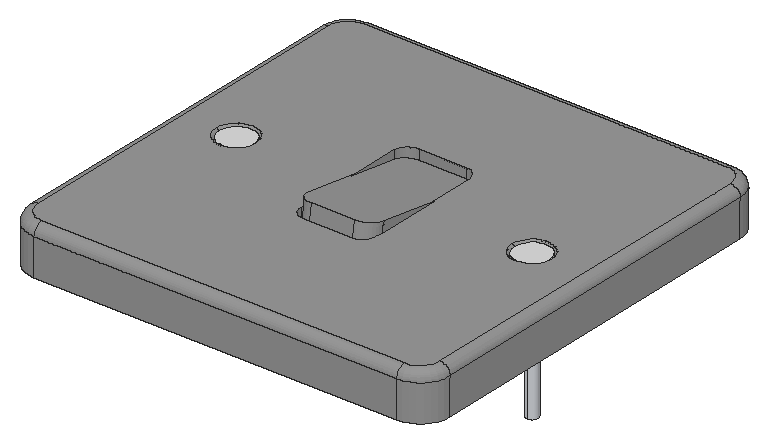
Revit family "ElectricalFixture_WiringAccessories_Hager_Sollysta_1Gang", category Lighting Fixtures, host Face, Revit 2015
Parameters (values of type "WMPS12")
  Warranty ID = ""
  Voltage (Volts) = "230V/240V"
  Unique Reference = "WMPS12"
  Type = "ElectricalFixture"
  Technical Description = "10AX1Gang2WayWallSwitch"
  Switch = yes
  Supply Phase = "1"
  Size = ""
  Shipping Weight kg = "0.188"
  Shape = "Rectangular"
  Reference Standard = "BS 1363-2"
  Product URL = "http://www.hager.co.uk/product-catalogue/wiring-accessories/sollysta/white-moulded/white-moulded-switches/58435.htm"
  Product Range = "Sollysta"
  Product Model Number = "WMPS12"
  Product Literature = "http://www.hager.co.uk/product-catalogue/wiring-accessories/sollysta/38662.htm"
  Product Group = "WiringAccessories"
  Product Family = "WhiteMouldedSwitches"
  Packaging Recyclable = yes
  Overall Width = Overall Length  # 86.0 mm
  Overall Length = 86.0 mm
  Overall Height = 86.0 mm
  Overall Depth = 26.07 mm
  Operation and Maintenance Manual = ""
  Name = "WhiteMouldedSwitches_WMPS12"
  Measurement Units = "mm"
  Material = Urea Formaldehyde Thermoset Plastic
  Manufacturer Website = "http://www.hager.co.uk/"
  Manufacturer Country = "United Kingdom"
  Manufacturer = "Hager"
  LED Indicator Switch = no
  Gross Weight kg = "0.165"
  Frequency = "50/60Hz"
  Finish = "Gloss"
  Features = "10AX1Gang2WayWallSwitch"
  Extrusion From Wall = 11.921 mm
  Expected Life = "25 years"
  EAN Code = "5015652260745"
  Design Country = "China"
  Description = "10AX1Gang2WayWallSwitch"
  Default Elevation = 1219.2 mm
  Colour = "SollystaWhite"
  CE Approval = yes
Types (4, lengths in mm): name | Unique Reference | Technical Description | Product Model Number | Name | Finish | Features | Extrusion From Wall | EAN Code | Description | Default Elevation | Colour
  WMPS11 | "WMPS11" | "10AX1Gang1WayWallSwitch" | "WMPS11" | "WhiteMouldedSwitches_WMPS11" | "Gloss" | "10AX1Gang1WayWallSwitch" | 11.921 | "5015652260714" | "10AX1Gang1WayWallSwitch" | 1219.2 | "SollystaWhite"
  WMPS11/FAN | "WMPS11/FAN" | "10AX1Gang1WayWallSwitchMarkedFan" | "WMPS11/FAN" | "WhiteMouldedSwitches_WMPS11/FAN" | "Gloss" | "10AX1Gang1WayWallSwitchMarkedFan" | 11.921 | "5015652275473" | "10AX1Gang1WayWallSwitchMarkedFan" | 1219.2 | "SollystaWhite"
  WMPS12 | "WMPS12" | "10AX1Gang2WayWallSwitch" | "WMPS12" | "WhiteMouldedSwitches_WMPS12" | "Gloss" | "10AX1Gang2WayWallSwitch" | 11.921 | "5015652260745" | "10AX1Gang2WayWallSwitch" | 1219.2 | "SollystaWhite"
  WMPS12W | "WMPS12" | "10AX1Gang2WayWallSwitch" | "WMPS12" | "WhiteMouldedSwitches_WMPS12" | "" | "10AX1Gang2WayWallSwitchWideRocker" | 11.9 | "5015652260745" | "10AX1Gang2WayWallSwitchWideRocker" | 500.0 | "RAL9010WhiteGloss"
Reference planes
  plane 1 "Center (Front/Back)": y = 0
  plane 2: z = 0
  plane 3 "Center (Left/Right)": x = 0
  plane 4: y = -43
  plane 5: y = 43
  plane 6: x = -137
  plane 7: x = -51
  plane 8: z = 9.47
  plane 9: z = -16.6
  plane 10: z = 11.921
  plane 11: y = -471.393
  plane 12: z = -20.53
  plane 13: x = -124.15
  plane 14: x = -63.85
Forms (mm)
  Extrusion 1, solid, material "Urea Formaldehyde Thermoset Plastic", detail levels fine
    sketch origin (0, 0, 0) x (1, 0, 0) y (0, 1, 0)
      loop
        arc (-137, -37.005) -> (-135.244, -41.244) -> (-131.005, -43) r 5.995
        line (-131.005, -43) -> (-57.017, -43)
        arc (-57.017, -43) -> (-52.762, -41.238) -> (-51, -36.983) r 6.017
        line (-51, -36.983) -> (-51, 37.035)
        arc (-51, 37.035) -> (-52.747, 41.253) -> (-56.965, 43) r 5.965
        line (-56.965, 43) -> (-131.018, 43)
        arc (-131.018, 43) -> (-135.248, 41.248) -> (-137, 37.018) r 5.982
        line (-137, 37.018) -> (-137, -37.005)
      loop
        circle (-124.15, 0) r 3.228
      loop
        circle (-63.85, 0) r 3.228
      loop
        line (-86.313, -11.794) -> (-86.313, 11.928)
        arc (-86.313, 11.928) -> (-87.135, 13.914) -> (-89.121, 14.736) r 2.808
        line (-89.121, 14.736) -> (-98.83, 14.736)
        arc (-98.83, 14.736) -> (-100.764, 13.935) -> (-101.565, 12.001) r 2.735
        line (-101.565, 12.001) -> (-101.565, -11.881)
        arc (-101.565, -11.881) -> (-100.775, -13.786) -> (-98.87, -14.576) r 2.694
        line (-98.87, -14.576) -> (-89.094, -14.576)
        arc (-89.094, -14.576) -> (-87.127, -13.761) -> (-86.313, -11.794) r 2.781
    from 0 to 9.47
  Sweep 2, void
    path origin (0, 0, 0) x (1, 0, 0) y (0, 1, 0)
      loop
        line (-137, 37.018) -> (-137, -37.005)
        arc (-137, -37.005) -> (-135.244, -41.244) -> (-131.005, -43) r 5.995
        line (-131.005, -43) -> (-57.017, -43)
        arc (-57.017, -43) -> (-52.762, -41.238) -> (-51, -36.983) r 6.017
        line (-51, -36.983) -> (-51, 37.035)
        arc (-51, 37.035) -> (-52.747, 41.253) -> (-56.965, 43) r 5.965
        line (-56.965, 43) -> (-131.018, 43)
        arc (-131.018, 43) -> (-135.248, 41.248) -> (-137, 37.018) r 5.982
    profile origin (-137, 0.007, 0) x (1, 0, 0) y (0, 0, 1)
      loop
        line (0, 9.47) -> (0, 7.462)
        arc (0, 7.462) -> (0.588, 8.882) -> (2.008, 9.47) r 2.008
        line (2.008, 9.47) -> (0, 9.47)
  Sweep 3, void
    path origin (0, 0, 0) x (1, 0, 0) y (0, 1, 0)
      loop
        circle (-63.85, 0) r 3.228
    profile origin (-63.85, 3.228, 0) x (0, -1, 0) y (0, 0, 1)
      loop
        line (0, 9.47) -> (-0.814, 9.47)
        arc (-0.814, 9.47) -> (-0.347, 9.123) -> (0, 8.656) r 2
        line (0, 8.656) -> (0, 9.47)
  Sweep 4, void
    path origin (0, 0, 0) x (1, 0, 0) y (0, 1, 0)
      loop
        circle (-124.15, 0) r 3.228
    profile origin (-124.15, 3.228, 0) x (0, 1, 0) y (0, 0, 1)
      loop
        line (0, 9.47) -> (0, 8.656)
        arc (0, 8.656) -> (0.346, 9.124) -> (0.814, 9.47) r 1.964
        line (0.814, 9.47) -> (0, 9.47)
  Extrusion 5, solid, material "Steel, Chrome Plated", detail levels fine
    sketch origin (0, 0, 0) x (1, 0, 0) y (0, 1, 0)
      loop
        circle (-124.15, 0) r 3.542
    from -1.167 to 9.196
  Extrusion 6, solid, material "Steel, Chrome Plated", detail levels fine
    sketch origin (0, 0, 0) x (-1, 0, 0) y (0, -1, 0)
      loop
        circle (63.85, 0) r 3.542
    from -1.167 to 9.196
  Extrusion 7, solid, material "Urea Formaldehyde Thermoset Plastic", detail levels medium
    sketch origin (0, 0, 0) x (1, 0, 0) y (0, 1, 0)
      loop
        line (-137, 43) -> (-137, -43) -> (-51, -43) -> (-51, 43) -> (-137, 43)
    from 0 to 9.47
  Extrusion 8, solid, detail levels fine
    sketch origin (-184.307, 0, -1.167) x (0, 1, 0) y (-1, 0, 0)
      loop
        circle (0, -60.15) r 1.2
    from 0 to 19.363
  Extrusion 9, solid, detail levels fine
    sketch origin (0, 0, -1.167) x (0, -1, 0) y (1, 0, 0)
      loop
        circle (0, -63.85) r 1.2
    from 0 to 19.363
  Extrusion 10, solid, material "Urea Formaldehyde Thermoset Plastic", detail levels medium
    sketch origin (0, 0, 0) x (1, 0, 0) y (0, 1, 0)
      loop
        line (-137, -43) -> (-51, -43) -> (-51, 43) -> (-137, 43) -> (-137, -43)
    from 0 to 9.47
  Extrusion 11, solid, material "Urea Formaldehyde Thermoset Plastic", visible <- "Switch", detail levels fine
    sketch origin (-18.717, -20.33, 3.542) x (1, 0, 0) y (0, 0.987688, -0.156434)
      loop
        arc (-82.848, 9.104) -> (-81.912, 6.845) -> (-79.653, 5.91) r 3.194
        line (-79.653, 5.91) -> (-70.877, 5.91)
        arc (-70.877, 5.91) -> (-68.557, 6.871) -> (-67.596, 9.191) r 3.281
        line (-67.596, 9.191) -> (-67.596, 32.07)
        arc (-67.596, 32.07) -> (-68.565, 34.409) -> (-70.904, 35.378) r 3.308
        line (-70.904, 35.378) -> (-72.778, 35.378) -> (-77.654, 35.378) -> (-79.613, 35.378)
        arc (-79.613, 35.378) -> (-81.9, 34.431) -> (-82.848, 32.143) r 3.235
        line (-82.848, 32.143) -> (-82.848, 9.104)
    from 0 to 9.42
Cuts and joins
  Sweep 2, Sweep 3, Sweep 4 cuts Extrusion 1
Lines and regions (mm)
  model lines, detail levels coarse
    curve 1: line (-137, 43, 0) -> (-51, 43, 0)
    curve 2: line (-137, -43, 0) -> (-137, 43, 0)
    curve 3: line (-51, -43, 0) -> (-137, -43, 0)
    curve 4: line (-51, 43, 0) -> (-51, -43, 0)
    curve 5: arc (-120.108, 0, 0) -> (-124.15, -4.042, 0) -> (-128.192, 0, 0) r 4.042
    curve 6: arc (-128.192, 0, 0) -> (-124.15, 4.042, 0) -> (-120.108, 0, 0) r 4.042
    curve 7: arc (-59.808, 0, 0) -> (-63.85, -4.042, 0) -> (-67.892, 0, 0) r 4.042
    curve 8: arc (-67.892, 0, 0) -> (-63.85, 4.042, 0) -> (-59.808, 0, 0) r 4.042
    curve 13: line (-101.565, 12.891, 0) -> (-101.565, -9.864, 0)
    curve 14: spline (-101.565, -9.864, 0) -> (-101.537, -10.276, 0) -> (-101.456, -10.681, 0) -> (-101.321, -11.072, 0) -> (-101.137, -11.442, 0) -> (-100.905, -11.785, 0) -> (-100.629, -12.095, 0) -> (-100.315, -12.367, 0) -> (-99.967, -12.597, 0) -> (-99.593, -12.779, 0) -> (-99.197, -12.912, 0) -> (-98.787, -12.992, 0) -> (-98.37, -13.019, 0)
    curve 15: line (-98.37, -13.019, 0) -> (-89.594, -13.019, 0)
    curve 16: spline (-89.594, -13.019, 0) -> (-89.165, -12.992, 0) -> (-88.745, -12.909, 0) -> (-88.338, -12.773, 0) -> (-87.953, -12.585, 0) -> (-87.596, -12.35, 0) -> (-87.274, -12.07, 0) -> (-86.991, -11.751, 0) -> (-86.752, -11.399, 0) -> (-86.562, -11.019, 0) -> (-86.424, -10.617, 0) -> (-86.341, -10.202, 0) -> (-86.313, -9.779, 0)
    curve 17: line (-86.313, -9.779, 0) -> (-86.313, 12.819, 0)
    curve 18: spline (-86.313, 12.819, 0) -> (-86.341, 13.245, 0) -> (-86.425, 13.664, 0) -> (-86.564, 14.069, 0) -> (-86.756, 14.452, 0) -> (-86.996, 14.808, 0) -> (-87.282, 15.129, 0) -> (-87.607, 15.411, 0) -> (-87.967, 15.649, 0) -> (-88.355, 15.838, 0) -> (-88.765, 15.975, 0) -> (-89.189, 16.058, 0) -> (-89.621, 16.086, 0)
    curve 19: line (-89.621, 16.086, 0) -> (-91.495, 16.086, 0)
    curve 20: line (-91.495, 16.086, 0) -> (-96.371, 16.086, 0)
    curve 21: line (-96.371, 16.086, 0) -> (-98.33, 16.086, 0)
    curve 22: spline (-98.33, 16.086, 0) -> (-98.752, 16.059, 0) -> (-99.167, 15.977, 0) -> (-99.568, 15.843, 0) -> (-99.947, 15.658, 0) -> (-100.299, 15.426, 0) -> (-100.617, 15.15, 0) -> (-100.896, 14.836, 0) -> (-101.131, 14.489, 0) -> (-101.318, 14.114, 0) -> (-101.454, 13.718, 0) -> (-101.537, 13.308, 0) -> (-101.565, 12.891, 0)
  model lines, not visible
    curve 9: circle (-93.188, 0, 32.183) r 13.061 normal (0, 1, 0)
    curve 10: line (-80.133, 0, 32.58) -> (2.078, 0, 32.58)
  symbolic lines, detail levels coarse
    curve 11: circle (-47.802, -504.912, 17.705) r 13.061 normal (0, -1, 0)
    curve 12: line (-60.857, -504.912, 18.103) -> (-143.068, -504.912, 18.103)
Dimensions and locks
  plane 10 to plane 9 = 28.521 mm
  plane 8 to plane 9 = 26.07 mm
  plane 2 to plane 9 = 16.6 mm
  "Overall Length": plane 6 to plane 7
  "Overall Height": plane 4 to plane 5
  "Overall Depth": plane 9 to plane 8
  plane 2 to plane 10 = 11.921 mm
  plane 8 to plane 12 = 30.0 mm
  aligned and locked: plane 2 to host face
  aligned and locked: level to host face
  aligned and locked: Extrusion 1 to plane 8
  aligned and locked: Extrusion 7 to plane 8
  aligned and locked: Extrusion 6 to Extrusion 8
  aligned and locked: Extrusion 9 to Extrusion 5
  aligned and locked: plane 12 to Extrusion 9
  aligned and locked: Extrusion 10 to plane 8
  aligned and locked: Extrusion 10 to level
  aligned and locked: curve 13 to Extrusion 11
  aligned and locked: curve 15 to Extrusion 11
  aligned and locked: Extrusion 11 to curve 17
  aligned and locked: curve 19 to Extrusion 11
  aligned and locked: curve 20 to Extrusion 11
  aligned and locked: curve 21 to Extrusion 11
Automatic sketch dimensions
  host sketch curve to host sketch curve = 2438.4 mm  (x2)
  Extrusion 1 sketch curve to plane 6 = 0.0 mm
  plane 5 to Extrusion 1 sketch curve = 0.0 mm
  plane 4 to Extrusion 1 sketch curve = 0.0 mm
  plane 1 "Center (Front/Back)" to Extrusion 1 sketch curve = 0.0 mm  (x2)
  Extrusion 1 sketch curve to plane 13 = 0.0 mm
  Extrusion 1 sketch curve to plane 14 = 0.0 mm
  plane 6 to Extrusion 1 sketch curve = 5.982 mm
  plane 6 to Extrusion 1 sketch curve = 5.995 mm
  plane 13 to Extrusion 1 sketch curve = 22.585 mm
  Extrusion 1 sketch curve to Extrusion 1 sketch curve = 2.694 mm
  Extrusion 1 sketch curve to Extrusion 1 sketch curve = 2.735 mm
  Extrusion 1 sketch curve to Extrusion 1 sketch curve = 9.709 mm
  Extrusion 1 sketch curve to Extrusion 1 sketch curve = 9.776 mm
  Extrusion 1 sketch curve to Extrusion 1 sketch curve = 2.808 mm
  Extrusion 1 sketch curve to plane 7 = 6.017 mm
  Extrusion 1 sketch curve to plane 7 = 5.965 mm
  plane 7 to Extrusion 1 sketch curve = 0.0 mm
  plane 1 "Center (Front/Back)" to Extrusion 1 sketch curve = 14.576 mm
  Extrusion 1 sketch curve to plane 1 "Center (Front/Back)" = 11.928 mm
  Sweep 2 sketch curve to plane 6 = 0.0 mm
  plane 5 to Sweep 2 sketch curve = 0.0 mm
  plane 4 to Sweep 2 sketch curve = 0.0 mm
  Sweep 2 sketch curve to Sweep 2 sketch curve = 5.982 mm
  plane 6 to Sweep 2 sketch curve = 5.995 mm
  Sweep 2 sketch curve to plane 7 = 6.017 mm
  Sweep 2 sketch curve to plane 7 = 5.965 mm
  plane 7 to Sweep 2 sketch curve = 0.0 mm
  profile plane to Sweep 2 sketch curve = 0.0 mm
  Sweep 2 sketch curve to Sweep 2 sketch curve = 2.008 mm
  level to Sweep 2 sketch curve = 7.462 mm
  plane 1 "Center (Front/Back)" to Sweep 3 sketch curve = 0.0 mm
  Sweep 3 sketch curve to plane 14 = 0.0 mm
  Sweep 3 sketch curve to profile plane = 0.0 mm
  Sweep 3 sketch curve to Sweep 3 sketch curve = 0.814 mm
  profile plane to Sweep 3 sketch curve = 1.761 mm
  level to Sweep 3 sketch curve = 7.709 mm
  Sweep 3 sketch curve to Sweep 3 sketch curve = 0.947 mm
  Sweep 4 sketch curve to Sweep 4 sketch curve = 0.0 mm  (x2)
  plane 1 "Center (Front/Back)" to Sweep 4 sketch curve = 0.0 mm
  Sweep 4 sketch curve to plane 13 = 0.0 mm
  Sweep 4 sketch curve to plane 13 = 3.228 mm
  Sweep 4 sketch curve to profile plane = 0.0 mm
  Sweep 4 sketch curve to profile plane = 0.814 mm
  Sweep 4 sketch curve to profile plane = 1.735 mm
  level to Sweep 4 sketch curve = 7.735 mm
  Sweep 4 sketch curve to Sweep 4 sketch curve = 0.921 mm
  Extrusion 5 sketch curve to Extrusion 5 sketch curve = 0.0 mm  (x2)
  plane 1 "Center (Front/Back)" to Extrusion 5 sketch curve = 0.0 mm
  Extrusion 5 sketch curve to plane 13 = 0.0 mm
  Extrusion 5 sketch curve to plane 13 = 3.542 mm
  Extrusion 6 sketch curve to Extrusion 6 sketch curve = 0.0 mm  (x2)
  plane 1 "Center (Front/Back)" to Extrusion 6 sketch curve = 0.0 mm
  plane 14 to Extrusion 6 sketch curve = 0.0 mm
  Extrusion 6 sketch curve to plane 14 = 3.542 mm
  plane 4 to Extrusion 7 sketch curve = 0.0 mm
  Extrusion 7 sketch curve to plane 6 = 0.0 mm
  Extrusion 7 sketch curve to plane 7 = 0.0 mm
  plane 5 to Extrusion 7 sketch curve = 0.0 mm
  plane 5 to Extrusion 10 sketch curve = 0.0 mm
  Extrusion 10 sketch curve to plane 6 = 0.0 mm
  Extrusion 10 sketch curve to plane 7 = 0.0 mm
  plane 4 to Extrusion 10 sketch curve = 0.0 mm
  curve 5 to curve 6 = 0.0 mm  (x2)
  curve 7 to curve 8 = 0.0 mm  (x2)
  plane 4 to curve 3 = 0.0 mm
  curve 3 to plane 6 = 0.0 mm
  plane 1 "Center (Front/Back)" to curve 5 = 0.0 mm
  curve 6 to plane 13 = 0.0 mm
  plane 1 "Center (Front/Back)" to curve 7 = 0.0 mm
  curve 8 to plane 14 = 0.0 mm
  curve 3 to plane 7 = 0.0 mm
  plane 5 to curve 2 = 0.0 mm
  curve 5 to plane 13 = 4.042 mm
  curve 7 to curve 7 = 4.042 mm
  plane 13 to Extrusion 11 sketch curve = 22.585 mm
  Extrusion 11 sketch curve to Extrusion 11 sketch curve = 3.194 mm
  Extrusion 11 sketch curve to Extrusion 11 sketch curve = 8.709 mm
  Extrusion 11 sketch curve to Extrusion 11 sketch curve = 8.776 mm
  Extrusion 11 sketch curve to Extrusion 11 sketch curve = 3.281 mm
  Extrusion 11 sketch curve to Extrusion 11 sketch curve = 22.879 mm
  Extrusion 11 sketch curve to Extrusion 11 sketch curve = 3.235 mm
  Extrusion 11 sketch curve to Extrusion 11 sketch curve = 1.959 mm
  Extrusion 11 sketch curve to Extrusion 11 sketch curve = 1.874 mm
  curve 10 to curve 9 = 13.055 mm
  curve 10 to curve 10 = 82.211 mm
  curve 10 to curve 9 = 0.397 mm
  plane 7 to curve 11 = 3.198 mm
  curve 11 to plane 10 = 5.785 mm
  plane 14 to curve 12 = 2.993 mm
  curve 12 to plane 6 = 6.068 mm
  curve 12 to plane 10 = 6.182 mm
  curve 13 to curve 15 = 3.194 mm
  curve 22 to curve 21 = 3.235 mm
  curve 22 to curve 21 = 1.959 mm
  curve 22 to curve 19 = 3.6 mm
  curve 19 to curve 19 = 1.874 mm
  curve 16 to curve 17 = 3.281 mm
  curve 14 to curve 13 = 3.155 mm
  curve 15 to curve 17 = 3.241 mm
  curve 18 to curve 13 = 0.073 mm
  curve 18 to curve 20 = 3.268 mm
  radius of Extrusion 1 sketch curve = 3.228 mm  (x2)
  radius of Sweep 3 sketch curve = 3.228 mm
  radius of Extrusion 8 sketch curve = 1.2 mm
  radius of Extrusion 9 sketch curve = 1.2 mm
  radius of curve 9 = 13.061 mm
Connectors
  electrical at (-94.001, 0.008, 0)
    settings: on cut or joined group of Extrusion 1, Sweep 2, Sweep 3, Sweep 4, index 1, voltage 230 V, apparent load 0 VA, apparent load phase1 0 VA, apparent load phase2 0 VA, apparent load phase3 0 VA, power factor 1, load classification "Other", number of poles 1, system type 31, power factor state 1, is connector primary yes, connector utility no, sub classification motor no, connector description ""
